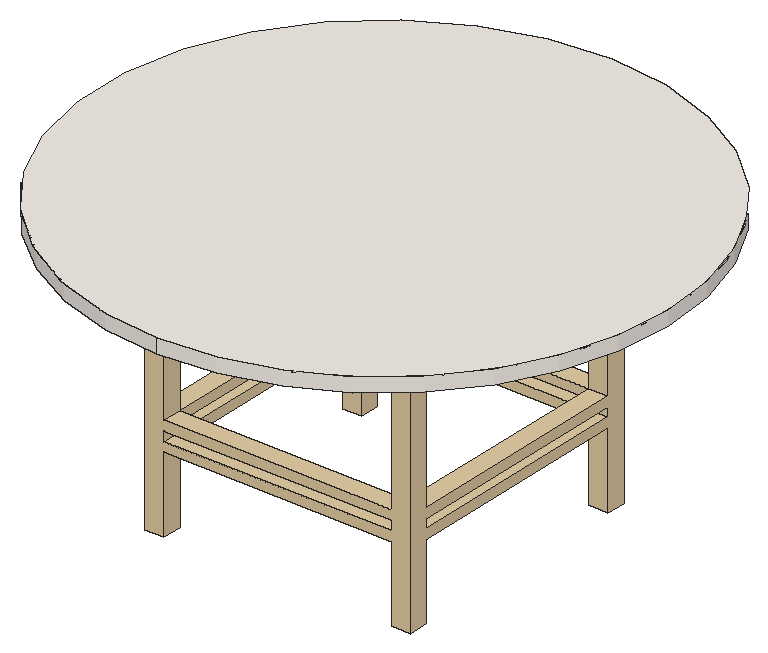
Revit family "Table-Dining Round", category Furniture, Revit 2018
Family settings
  OmniClass Number = 23.40.20.14.17.11
  OmniClass Title = Dining Room Tables
  Work Plane-Based = No
  Always vertical = Yes
  Cut with Voids When Loaded = No
  Shared = Yes
  Room Calculation Point = No
Parameters (values of type "60" Diameter")
  Assembly Code = "E2020200"
  Diameter = 5' - 0"
  Height = 2' - 6"
  Base Material = Pine
  Top Material = Laminate, Linen, Matte
Types (4): name | Diameter
  (no name) | 5' - 0"
  36" Diameter | 3' - 0"
  60" Diameter | 5' - 0"
  84" Diameter | 7' - 0"
Reference planes (in)
  plane 1 "Center (Front/Back)": y = -7.27869
  plane 2: z = 0
  plane 3 "Center (Left/Right)": x = 4.08197
  plane 4: y = 22.72131
  plane 5: y = -37.27869
  plane 6: x = -25.91803
  plane 7: x = 34.08197
  plane 8: x = -10.91803
  plane 9: x = 19.08197
  plane 10: y = 7.72131
  plane 11: y = -22.27869
  plane 12: z = 30
  plane 13: z = 28.5
  plane 14: z = 25.5
Forms (in)
  Extrusion 1, solid, material "Pine" <- "Base Material"
    sketch origin (0, 0, 0) x (1, 0, 0) y (0, 1, 0)
      loop
        line (-10.91803, 7.72131) -> (-10.91803, -22.27869) -> (19.08197, -22.27869) -> (19.08197, 7.72131) -> (-10.91803, 7.72131)
      loop
        line (-9.91803, 6.72131) -> (-9.91803, -21.27869) -> (18.08197, -21.27869) -> (18.08197, 6.72131) -> (-9.91803, 6.72131)
    from 25.5 to 28.5
  Extrusion 2, solid, material "Pine" <- "Base Material"
    sketch origin (0, 0, 0) x (1, 0, 0) y (0, 1, 0)
      loop
        line (-9.91803, 6.72131) -> (-9.91803, 4.72131) -> (-7.91803, 4.72131) -> (-7.91803, 6.72131) -> (-9.91803, 6.72131)
      loop
        line (18.08197, 6.72131) -> (16.08197, 6.72131) -> (16.08197, 4.72131) -> (18.08197, 4.72131) -> (18.08197, 6.72131)
      loop
        line (18.08197, -21.27869) -> (18.08197, -19.27869) -> (16.08197, -19.27869) -> (16.08197, -21.27869) -> (18.08197, -21.27869)
      loop
        line (-9.91803, -21.27869) -> (-7.91803, -21.27869) -> (-7.91803, -19.27869) -> (-9.91803, -19.27869) -> (-9.91803, -21.27869)
    from 0 to 28.5
  Extrusion 3, solid, material "Pine" <- "Base Material"
    sketch origin (0, 0, 0) x (1, 0, 0) y (0, 1, 0)
      loop
        line (-9.91803, 6.72131) -> (-9.91803, -21.27869) -> (18.08197, -21.27869) -> (18.08197, 6.72131) -> (-9.91803, 6.72131)
      loop
        line (-7.91803, 4.72131) -> (-7.91803, -19.27869) -> (16.08197, -19.27869) -> (16.08197, 4.72131) -> (-7.91803, 4.72131)
    from 10 to 11
  Extrusion 4, solid, material "Pine" <- "Base Material"
    sketch origin (0, 0, 0) x (1, 0, 0) y (0, 1, 0)
      loop
        line (-9.91803, 6.72131) -> (-9.91803, -21.27869) -> (18.08197, -21.27869) -> (18.08197, 6.72131) -> (-9.91803, 6.72131)
      loop
        line (-7.91803, 4.72131) -> (-7.91803, -19.27869) -> (16.08197, -19.27869) -> (16.08197, 4.72131) -> (-7.91803, 4.72131)
    from 8 to 9
  Extrusion 5, solid, material "Laminate, Linen, Matte" <- "Top Material"
    sketch origin (0, 0, 30) x (0, -1, 0) y (-1, 0, 0)
      loop
        circle (7.27869, -4.08197) r 30
    from 0 to 1.5
Cuts and joins
  joined: Extrusion 2, Extrusion 3, Extrusion 4
Lines and regions (in)
  Masking region 1
    outline origin (0, 0, 0) x (1, 0, 0) y (0, 1, 0)
      loop
        circle (4.08197, -7.27869) r 30
Dimensions and locks (in)
  "Diameter": plane 6 to plane 7
  "Diameter": plane 5 to plane 4
  equal spacing: plane 6, plane 8, plane 3 "Center (Left/Right)", plane 9, plane 7
  equal spacing: plane 5, plane 11, plane 1 "Center (Front/Back)", plane 10, plane 4
  locked: Extrusion 1 sketch curve to Extrusion 1 sketch curve at 1  (x4)
  "Height": plane 12 to plane 2
  locked: Extrusion 2 sketch curve to Extrusion 2 sketch curve at 2  (x5)
  locked: Extrusion 1 to Extrusion 1 at 3
  locked: plane 12 to plane 13 at 1.5
  locked: plane 13 to plane 14 at 3
  aligned and locked: Extrusion 2 sketch curve to Extrusion 1  (x3)
  aligned and locked: plane 3 "Center (Left/Right)" to Extrusion 5 sketch curve
  aligned and locked: Masking region 1 sketch curve to Extrusion 5
  aligned and locked: Extrusion 5 to plane 13
  aligned and locked: plane 13 to cut or joined group of Extrusion 2, Extrusion 3, Extrusion 4
  aligned and locked: plane 13 to Extrusion 1
Automatic sketch dimensions
  Extrusion 1 sketch curve to plane 8 = 0' - 0"
  Extrusion 1 sketch curve to plane 9 = 0' - 0"
  Extrusion 1 sketch curve to plane 11 = 0' - 0"
  Extrusion 1 sketch curve to plane 10 = 0' - 0"
  Extrusion 2 sketch curve to plane 8 = 0' - 1"  (x2)
  Extrusion 2 sketch curve to Extrusion 2 sketch curve = 0' - 2"  (x3)
  Extrusion 2 sketch curve to plane 11 = 0' - 1"
  plane 9 to Extrusion 2 sketch curve = 0' - 1"  (x2)
  Extrusion 3 sketch curve to plane 8 = 0' - 1"
  Extrusion 3 sketch curve to Extrusion 3 sketch curve = 0' - 2"  (x2)
  plane 9 to Extrusion 3 sketch curve = 0' - 3"
  plane 9 to Extrusion 3 sketch curve = 0' - 1"
  Extrusion 3 sketch curve to plane 11 = 0' - 1"
  Extrusion 3 sketch curve to plane 10 = 0' - 3"
  Extrusion 3 sketch curve to plane 10 = 0' - 1"
  Extrusion 4 sketch curve to plane 8 = 0' - 1"
  Extrusion 4 sketch curve to Extrusion 4 sketch curve = 0' - 2"  (x2)
  plane 9 to Extrusion 4 sketch curve = 0' - 3"
  plane 9 to Extrusion 4 sketch curve = 0' - 1"
  Extrusion 4 sketch curve to plane 11 = 0' - 1"
  Extrusion 4 sketch curve to plane 10 = 0' - 3"
  Extrusion 4 sketch curve to plane 10 = 0' - 1"
  Extrusion 5 sketch curve to plane 4 = 0' - 0"
  Extrusion 5 sketch curve to plane 1 "Center (Front/Back)" = 0' - 0"
